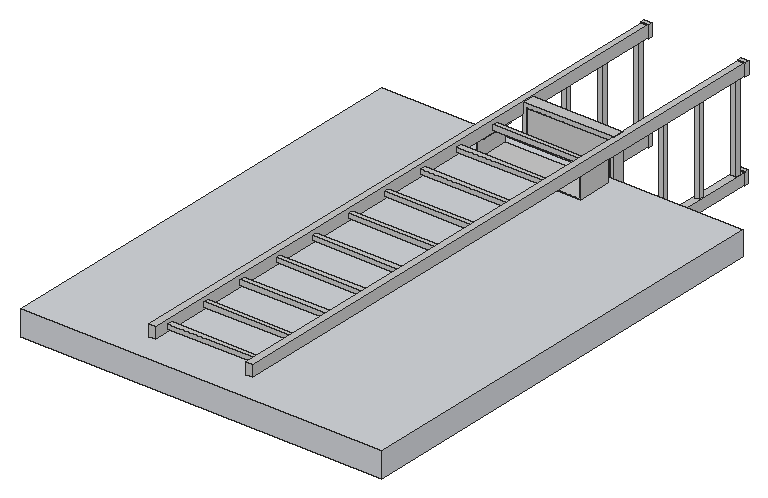
Revit family
Parameters (values of type "24in Width")
  returnsingle [instance] = numrungrecalcd = 1  # no
  returnsiderungcontrol [instance] = if(numrungrecalcd < 2, 2, numrungrecalcd)  # 2
  returnmultiple [instance] = returnsiderungcontrol > 1  # yes
  numrungrecalcd [instance] = if(numrungrecalca > 1' 2", numrungrecalcc + 1, numrungrecalcc)  # 2
  numrungrecalcc [instance] = (FF Roof to Top of Parapet + 0' 5" - 1' 0 5/8" - Ladder Base Offset Return Side) / 1' 0"  # 2
  numrungrecalca [instance] = FF Roof to Top of Parapet + 0' 5" - Ladder Base Offset Return Side - 1' 0 5/8" - ((numrungrecalcc - 1) * 1' 0")  # 1' - 0 3/8"
  numrungcalcd [instance] = if(numrungcalca > 1' 2", numrungcalcc + 1, numrungcalcc)  # 10
  numrungcalcc [instance] = (FF to Top of Parapet + 0' 5" - 1' 0 5/8" - Ladder Base Offset) / 1' 0"  # 9
  numrungcalca [instance] = FF to Top of Parapet + 0' 5" - Ladder Base Offset - 1' 0 5/8" - ((numrungcalcc - 1) * 1' 0")  # 1' - 4 3/8"
  Warranty Duration (Years) = 0
  Unit Width_Outside Frame [instance] = if(1 = 1, Unit Width + (0' 1 3/4" * 2), 0' 0")  # 2' - 3 1/2"
  Unit Width = 2' - 0"
  Unit Height Return Side [instance] = FF Roof to Top of Parapet - Ladder Base Offset Return Side + 0' 5" + 3' 3 1/2"  # 6' - 4 1/2"
  Unit Height [instance] = FF to Top of Parapet + 3' 8 1/2" - Ladder Base Offset  # 13' - 8 1/2"
  URL = "http://www.okeeffes.com/"
  Top Decking to Top Bracket CL [instance] = 0' - 6 5/8"  # constant formula
  Test Data = ""
  Standards Conformance = "OSHA 1910.27"
  Specification = ""
  SpecWizard = ""
  Send Message = ""
  Sales Information = "http://www.okeeffes.com/contact-us.php"
  Revision = "R1_2015-11"
  Projection from Host Return Side [instance] = 0' - 7"
  Projection from Host [instance] = 0' - 7"
  Product Properties = ""
  Product Data = "http://www.arcat.com/arcatcos/cos34/arc34555.html"
  Platform Length [instance] = 0' 1 1/2" + Projection from Host + Parapet Width + Projection from Host Return Side + 0' 1 1/2"  # 2' - 5"
  Platform Finish [instance] = Metal - Aluminum - O'Keeffe's - Standard Mill Treaded
  Parapet Width [instance] = 1' - 0"
  Number of Rungs Return Side [instance] = numrungrecalcd  # 2
  Number of Rungs [instance] = numrungcalcd  # 10
  Model = "Model 503"
  Manufacturer Website = "http://www.okeeffes.com/"
  Manufacturer Phone - Toll Free = "888-653-3333"
  Manufacturer Phone = "415-822-4222"
  Manufacturer Fax = "415-822-5222"
  Manufacturer Address = "100 N. Hill Dr.   Suite 12   Brisbane, CA 94005"
  Manufacturer = "O'Keeffe's, Inc"
  Maintenance Schedule (Months) = 0
  Ladder_Off Floor Mounted [instance] = not(Ladder_Floor Mounted)  # no
  Ladder_Floor Mounted [instance] = yes
  Ladder Base Offset Return Side [instance] = 0' - 4"
  Ladder Base Offset [instance] = if(Ladder_Floor Mounted, 0' 0", 0' 4")  # 0' - 0"
  Keynote = "05515"
  Installation-Fabrication = ""
  Installation Phase = ""
  Include Security Door [instance] = no
  Green Building-LEED = ""
  Frame Finish [instance] = Metal - Aluminum - O'Keeffe's - Standard Mill
  FF to Top of Parapet [instance] = 10' - 0"
  FF to Bottom Rung CL [instance] = FF to Top of Parapet + 0' 5" - ((Number of Rungs - 1) * 1' 0") - 1' 0 5/8"  # 0' - 4 3/8"
  FF to Bottom Bracket CL [instance] = 0' - 11"
  FF Roof to Top of Parapet [instance] = 3' - 0"
  Expected Lifespan (Years) = 0
  Drawn By = "Sumex Design, Inc. / Robert S. Weygant, CSI, CDT, SCIP"
  Description = "O'Keeffe's Model 503 High Parapet Access Ladder - 24in Width as Specified"
  Default Elevation = 0' - 0"
  Copyright = "©Arcat Inc."
  Construction Details = ""
  Capacity = "1500 lbs per Rung"
  Building Codes = ""
  Available Options [instance] = "[Intermediate Brackets][Extended Intermediate Brackets][Fall Arrest System][Safety Post for Roof Hatch]"
  Assembly Code = "B1010700"
Reference planes (in)
  plane 1 "SecDoor": y = 47.5395
  plane 2: z = 0
  plane 3 "Center (Left/Right)": x = 0
  plane 4: x = -12
  plane 5: x = 12
  plane 6 "Ladder CL": z = 7
  plane 7 "FF": y = -46.4605
  plane 8 "Deck Level": y = 73.5395
  plane 9: y = 118.0395
  plane 10: y = -46.4605
  plane 11: y = 65.9145
  plane 12: y = 66.9145
  plane 13: y = -35.4605
  plane 14: y = 114.9145
  plane 15: y = 102.9145
  plane 16: y = 90.9145
  plane 17: z = -19
  plane 18: y = 78.5395
  plane 19: z = -20.5
  plane 20: z = 8.5
  plane 21: y = 75.5395
  plane 22: y = 41.5395
  plane 23: y = 37.5395
  plane 24: y = 65.0395
Forms (in)
  Extrusion 1, solid
    sketch origin (0, 0, 0) x (1, 0, 0) y (0, 1, 0)
      loop
        line (-48, 73.5395) -> (-48, -46.4605) -> (48, -46.4605) -> (48, 73.5395) -> (-48, 73.5395)
    from 0 to -6.5935
  Extrusion 2, solid, material "Metal - Aluminum - O'Keeffe's - Standard Mill" <- "Frame Finish"
    sketch origin (0, 47.5395, 0) x (1, 0, 0) y (0, 0, 1)
      loop
        line (-12, 5.5) -> (-12, 8.5) -> (-13.75, 8.5) -> (-13.75, 5.5) -> (-12, 5.5)
      loop
        line (12, 5.5) -> (13.75, 5.5) -> (13.75, 8.5) -> (12, 8.5) -> (12, 5.5)
    from -70.5 to 94
  Extrusion 3, solid, material "Metal - Aluminum - O'Keeffe's - Standard Mill" <- "Frame Finish"
    sketch origin (0, 66.9145, -2.26987) x (0, 0, -1) y (1, 0, 0)
      loop
        line (-7.76987, -12) -> (-7.76987, -13.75) -> (-2.26987, -13.75) -> (-2.26987, 13.75) -> (-7.76987, 13.75) -> (-7.76987, 12) -> (-7.58237, 12) -> (-7.58237, 13.5625) -> (-2.45737, 13.5625) -> (-2.45737, -13.5625) -> (-7.58237, -13.5625) -> (-7.58237, -12) -> (-7.76987, -12)
    from -4.5 to 4.5
  Extrusion 4, solid, material "Metal - Aluminum - O'Keeffe's - Standard Mill" <- "Frame Finish", visible <- "Ladder_Off Floor Mounted"
    sketch origin (0, -35.4605, 13.06054) x (0, 0, 1) y (1, 0, 0)
      loop
        line (-7.56054, -12) -> (-7.74804, -12) -> (-7.74804, -13.5625) -> (-12.87304, -13.5625) -> (-12.87304, 13.5625) -> (-7.74804, 13.5625) -> (-7.74804, 12) -> (-7.56054, 12) -> (-7.56054, 13.75) -> (-13.06054, 13.75) -> (-13.06054, -13.75) -> (-7.56054, -13.75) -> (-7.56054, -12)
    from -4.5 to 4.5
  Extrusion 5, solid, material "Metal - Aluminum - O'Keeffe's - Standard Mill" <- "Frame Finish"
    sketch origin (-15.17702, -180, 7) x (-1, 0, 0) y (0, -1, 0)
      loop
        line (-2.67702, -298.0395) -> (-1.30202, -298.0395) -> (-1.30202, -297.0395) -> (-3.30202, -297.0395) -> (-3.30202, -298.0395) -> (-2.67702, -298.0395)
      loop
        line (-27.67702, -298.0395) -> (-27.05202, -298.0395) -> (-27.05202, -297.0395) -> (-29.05202, -297.0395) -> (-29.05202, -298.0395) -> (-27.67702, -298.0395)
    from -1.625 to 1.625
  Extrusion 6, solid, material "Metal - Aluminum - O'Keeffe's - Standard Mill" <- "Frame Finish", visible <- "Include Security Door"
    sketch origin (-26.52564, -46.4605, 48) x (1, 0, 0) y (0, 0, 1)
      loop
        line (40.27564, -39.25) -> (12.52564, -39.25) -> (12.52564, -40.25) -> (12.77564, -40.25) -> (12.77564, -48) -> (40.27564, -48) -> (40.27564, -39.25)
    from -4 to -94
  Extrusion 7, solid, material "Metal - Aluminum - O'Keeffe's - Standard Mill" <- "Frame Finish"
    sketch origin (12, 19.13326, 48) x (0, 1, 0) y (0, 0, 1)
      loop
        line (71.15623, -67.625) -> (96.40623, -67.625) -> (96.40623, -41) -> (95.15623, -41) -> (95.15623, -66.375) -> (84.40623, -66.375) -> (84.40623, -41) -> (83.15623, -41) -> (83.15623, -66.375) -> (72.40623, -66.375) -> (72.40623, -41) -> (71.15623, -41) -> (71.15623, -67.625)
    from 0.25 to 1.5
  Extrusion 8, solid, material "Metal - Aluminum - O'Keeffe's - Standard Mill" <- "Frame Finish"
    sketch origin (-12, 19.13326, 48) x (0, 1, 0) y (0, 0, 1)
      loop
        line (71.15623, -67.625) -> (96.40623, -67.625) -> (96.40623, -41) -> (95.15623, -41) -> (95.15623, -66.375) -> (84.40623, -66.375) -> (84.40623, -41) -> (83.15623, -41) -> (83.15623, -66.375) -> (72.40623, -66.375) -> (72.40623, -41) -> (71.15623, -41) -> (71.15623, -67.625)
    from -0.25 to -1.5
  Extrusion 9, solid, material "Metal - Aluminum - O'Keeffe's - Standard Mill" <- "Frame Finish"
    sketch origin (0, 47.5395, 0) x (1, 0, 0) y (0, 0, 1)
      loop
        line (-12, -20.5) -> (-12, -17.5) -> (-13.75, -17.5) -> (-13.75, -20.5) -> (-12, -20.5)
      loop
        line (12, -17.5) -> (12, -20.5) -> (13.75, -20.5) -> (13.75, -17.5) -> (12, -17.5)
    from -70.5 to 6
  Extrusion 10, solid, material "Metal - Aluminum - O'Keeffe's - Standard Mill" <- "Frame Finish"
    sketch origin (-60, 78.5395, 48) x (-1, 0, 0) y (0, 0, 1)
      loop
        line (-48, -39.5) -> (-72, -39.5) -> (-72, -68.5) -> (-48, -68.5) -> (-48, -39.5)
      loop
        line (-49, -67.5) -> (-49, -40.5) -> (-71, -40.5) -> (-71, -67.5) -> (-49, -67.5)
    from 0 to -3
  Extrusion 11, solid, material "Metal - Aluminum - O'Keeffe's - Standard Mill Treaded" <- "Platform Finish"
    sketch origin (-60, 78.5395, 48) x (-1, 0, 0) y (0, 0, 1)
      loop
        line (-49, -67.5) -> (-49, -40.5) -> (-71, -40.5) -> (-71, -67.5) -> (-49, -67.5)
    from -0.25 to -3
  Extrusion 12, solid, material "Metal - Aluminum - O'Keeffe's - Standard Mill" <- "Frame Finish"
    sketch origin (-15.17702, -180, -20.5) x (-1, 0, 0) y (0, -1, 0)
      loop
        line (-3.30202, -297.0395) -> (-3.30202, -298.0395) -> (-1.30202, -298.0395) -> (-1.30202, -297.0395) -> (-3.30202, -297.0395)
      loop
        line (-27.05202, -298.0395) -> (-27.05202, -297.0395) -> (-29.05202, -297.0395) -> (-29.05202, -298.0395) -> (-27.05202, -298.0395)
    from -0.125 to 3.125
  Extrusion 13, solid, material "Metal - Aluminum - O'Keeffe's - Standard Mill" <- "Frame Finish"
    sketch origin (0, 65.0395, -10.41587) x (0, 0, 1) y (1, 0, 0)
      loop
        line (-7.08413, -12) -> (-7.08413, -13.75) -> (-1.58413, -13.75) -> (-1.58413, 13.75) -> (-7.08413, 13.75) -> (-7.08413, 12) -> (-6.89663, 12) -> (-6.89663, 13.5625) -> (-1.77163, 13.5625) -> (-1.77163, -13.5625) -> (-6.89663, -13.5625) -> (-6.89663, -12) -> (-7.08413, -12)
    from -4.5 to 4.5
Cuts and joins
  joined: Extrusion 2, Extrusion 5, Extrusion 7, Extrusion 8, Extrusion 9, Extrusion 12
Lines and regions (in)
  model lines, style "GenericModelHiddenLines", visible <- "Include Security Door"
    curve 1: line (13.75, 47.5395, 8.75) -> (-14, 2.5395, 8.75)
    curve 2: line (-14, 2.5395, 8.75) -> (13.75, -42.4605, 8.75)
Dimensions and locks (in)
  "Projection from Host": plane 6 "Ladder CL" to level
  equal spacing: plane 4, plane 3 "Center (Left/Right)", plane 5
  "Unit Width": plane 4 to plane 5
  "FF to Top of Parapet": plane 7 "FF" to plane 8 "Deck Level"
  "Unit Height": plane 9 to plane 10
  "Ladder Base Offset": plane 10 to plane 7 "FF"
  equal spacing: group 1, group 2, group 3, group 4, group 5, group 6, group 7, group 8, group 9, group 10
  equal spacing: group 10, group 9, group 8, group 7, group 6, group 5, group 4, group 3, group 2, group 1  (x2)
  locked: nested 1 to nested 2 at 12
  "Top Decking to Top Bracket CL": plane 12 to plane 8 "Deck Level"
  "FF to Bottom Bracket CL": plane 10 to plane 13
  plane 4 to Extrusion 3 sketch curve to Extrusion 3 sketch curve = 0' - 1 9/16" locked, 0' - 0 3/16" locked
  Extrusion 3 sketch curve to Extrusion 3 sketch curve to plane 5 = 0' - 0 3/16" locked, 0' - 1 9/16" locked
  plane 4 to Extrusion 4 sketch curve to Extrusion 4 sketch curve = 0' - 1 9/16" locked, 0' - 0 3/16" locked
  Extrusion 4 sketch curve to Extrusion 4 sketch curve to plane 5 = 0' - 0 3/16" locked, 0' - 1 9/16" locked
  Extrusion 5 sketch curve to plane 4 to Extrusion 5 sketch curve = 0' - 1 7/8" locked, 0' - 0 1/8" locked
  Extrusion 5 sketch curve to plane 5 to Extrusion 5 sketch curve = 0' - 0 1/8" locked, 0' - 1 7/8" locked
  locked: plane 7 "FF" to plane 1 "SecDoor" at 94
  locked: plane 4 to Extrusion 6 sketch curve at 2
  locked: Extrusion 6 sketch curve to plane 6 "Ladder CL" at 1.75
  locked: Extrusion 6 sketch curve to plane 6 "Ladder CL" at 0.75
  locked: plane 4 to Extrusion 6 sketch curve at 1.75
  locked: Extrusion 6 sketch curve to plane 5 at 1.75
  locked: plane 4 to Extrusion 2 sketch curve at 1.75
  locked: Extrusion 2 sketch curve to plane 5 at 1.75
  Extrusion 7 sketch curve to plane 16 to Extrusion 7 sketch curve = 0' - 0 5/8" locked, 0' - 0 5/8" locked
  Extrusion 7 sketch curve to plane 15 to Extrusion 7 sketch curve = 0' - 0 5/8" locked, 0' - 0 5/8" locked
  Extrusion 7 sketch curve to plane 14 to Extrusion 7 sketch curve = 0' - 0 5/8" locked, 0' - 0 5/8" locked
  locked: Extrusion 7 sketch curve to plane 17 at 0.625
  Extrusion 8 sketch curve to plane 16 to Extrusion 8 sketch curve = 0' - 0 5/8" locked, 0' - 0 5/8" locked
  Extrusion 8 sketch curve to plane 15 to Extrusion 8 sketch curve = 0' - 0 5/8" locked, 0' - 0 5/8" locked
  Extrusion 8 sketch curve to plane 14 to Extrusion 8 sketch curve = 0' - 0 5/8" locked, 0' - 0 5/8" locked
  locked: plane 17 to Extrusion 8 sketch curve at 0.625
  locked: plane 18 to plane 8 "Deck Level" at 5
  locked: plane 18 to plane 11 at 12.625
  locked: plane 20 to plane 6 "Ladder CL" at 1.5
  "Platform Length": plane 20 to plane 19
  locked: Extrusion 9 sketch curve to plane 19 at 3  (x2)
  locked: Extrusion 9 sketch curve to plane 5 at 1.75
  locked: plane 4 to Extrusion 9 sketch curve at 1.75
  locked: plane 21 to plane 18 at 3
  locked: plane 14 to plane 9 at 3.125
  locked: plane 15 to plane 14 at 12
  locked: plane 16 to plane 15 at 12
  locked: plane 17 to plane 19 at 1.5
  locked: plane 20 to Extrusion 10 sketch curve at 1
  locked: Extrusion 10 sketch curve to plane 4 at 1
  locked: plane 5 to Extrusion 10 sketch curve at 1
  locked: Extrusion 10 sketch curve to plane 19 at 1
  locked: plane 20 to Extrusion 11 sketch curve at 1
  locked: Extrusion 11 sketch curve to plane 19 at 1
  locked: Extrusion 11 sketch curve to plane 4 at 1
  locked: plane 5 to Extrusion 11 sketch curve at 1
  Extrusion 12 sketch curve to plane 5 to Extrusion 12 sketch curve = 0' - 0 1/8" locked, 0' - 1 7/8" locked
  Extrusion 12 sketch curve to plane 4 to Extrusion 12 sketch curve = 0' - 1 7/8" locked, 0' - 0 1/8" locked
  locked: plane 9 to Extrusion 12 sketch curve at 1  (x2)
  group 11 to group 12 = 0' - 0"  (x2)
  group 12 to group 11 = 1' - 0"
  locked: nested 12 to nested 11 at 12
  "Ladder Base Offset Return Side": plane 23 to plane 22
  "FF Roof to Top of Parapet": plane 23 to plane 8 "Deck Level"
  "Parapet Width": plane 2 to Extrusion 13 sketch curve
  locked: Extrusion 13 sketch curve to Extrusion 13 sketch curve at 0.1875  (x3)
  locked: Extrusion 13 sketch curve to plane 19 at 3  (x2)
  plane 4 to Extrusion 13 sketch curve to Extrusion 13 sketch curve = 0' - 1 9/16" locked, 0' - 0 3/16" locked
  Extrusion 13 sketch curve to Extrusion 13 sketch curve to plane 5 = 0' - 0 3/16" locked, 0' - 1 9/16" locked
  locked: plane 24 to plane 8 "Deck Level" at 8.5
  aligned and locked: plane 2 to Extrusion 1
  aligned and locked: level to Extrusion 1
  aligned and locked: Extrusion 2 to plane 10
  aligned and locked: plane 9 to Extrusion 2
  aligned and locked: plane 6 "Ladder CL" to nested 1
  aligned and locked: plane 3 "Center (Left/Right)" to nested 1
  aligned and locked: nested 1 to plane 11
  aligned and locked: Extrusion 3 sketch curve to plane 5
  aligned and locked: Extrusion 3 sketch curve to plane 4
  aligned and locked: Extrusion 4 sketch curve to plane 4
  aligned and locked: Extrusion 4 sketch curve to plane 5
  aligned and locked: Extrusion 6 to plane 1 "SecDoor"
  aligned and locked: plane 6 "Ladder CL" to Extrusion 7 sketch curve  (x3)
  aligned and locked: Extrusion 8 sketch curve to plane 6 "Ladder CL"  (x3)
  aligned and locked: Extrusion 9 sketch curve to plane 4
  aligned and locked: plane 5 to Extrusion 9 sketch curve
  aligned and locked: Extrusion 9 to plane 9
  aligned and locked: Extrusion 10 sketch curve to plane 5
  aligned and locked: Extrusion 10 sketch curve to plane 4
  aligned and locked: plane 19 to Extrusion 10 sketch curve
  aligned and locked: plane 20 to Extrusion 10 sketch curve
  aligned and locked: plane 21 to Extrusion 10
  aligned and locked: plane 9 to Extrusion 12 sketch curve  (x2)
  aligned and locked: plane 6 "Ladder CL" to nested 2
  aligned and locked: nested 11 to plane 11
  aligned and locked: plane 17 to nested 11
  aligned and locked: plane 17 to nested 12
  aligned and locked: plane 22 to Extrusion 9
  aligned and locked: nested 13 to plane 11
  aligned and locked: plane 17 to nested 13
  aligned and locked: Extrusion 13 sketch curve to plane 5
  aligned and locked: Extrusion 13 sketch curve to plane 4
Automatic sketch dimensions
  Extrusion 1 sketch curve to Extrusion 1 sketch curve = 8' - 0"
  Extrusion 1 sketch curve to Extrusion 1 sketch curve = 10' - 0"
  Extrusion 2 sketch curve to plane 4 = 0' - 0"
  Extrusion 2 sketch curve to plane 5 = 0' - 0"
  Extrusion 2 sketch curve to plane 20 = 0' - 0"  (x2)
  Extrusion 2 sketch curve to plane 6 "Ladder CL" = 0' - 1 1/2"  (x2)
  Extrusion 3 sketch curve to level = 0' - 0"
  level to Extrusion 3 sketch curve = 0' - 0 3/16"
  Extrusion 3 sketch curve to plane 6 "Ladder CL" = 0' - 1 11/16"  (x2)
  Extrusion 3 sketch curve to Extrusion 3 sketch curve = 0' - 0 3/16"  (x2)
  Extrusion 4 sketch curve to level = 0' - 0"
  level to Extrusion 4 sketch curve = 0' - 0 3/16"
  Extrusion 4 sketch curve to plane 6 "Ladder CL" = 0' - 1 11/16"  (x2)
  Extrusion 4 sketch curve to Extrusion 4 sketch curve = 0' - 0 3/16"  (x2)
  Extrusion 6 sketch curve to level = 0' - 0"
  Extrusion 7 sketch curve to plane 17 = 0' - 0 5/8"  (x2)
  Extrusion 8 sketch curve to plane 17 = 0' - 0 5/8"  (x2)
  Extrusion 9 sketch curve to plane 19 = 0' - 0"  (x2)
  Extrusion 5 sketch curve to plane 9 = 0' - 0"  (x2)
  plane 5 to Extrusion 5 sketch curve = 0' - 0 1/2"
  Extrusion 5 sketch curve to plane 4 = 0' - 0 1/2"
  Extrusion 5 sketch curve to Extrusion 5 sketch curve = 0' - 1"
  Extrusion 5 sketch curve to plane 9 = 0' - 1"
  curve 2 to Extrusion 6 = 0' - 0"  (x3)
  curve 1 to Extrusion 6 = 0' - 0"
  Extrusion 6 to curve 1 = 0' - 0"
  Extrusion 6 to curve 2 = 3' - 9"
Nested families (in)
  nested 1: "Square Rung" at (0, 65.9145, 7) x (0, 1, 0) z (0, 0, 1), rung width <- "Unit Width", finish <- "Frame Finish", type "Square Rung"
    with rung width 2' - 0", finish Metal - Aluminum - O'Keeffe's - Standard Mill
  nested 2: "Square Rung" at (0, 53.9145, 7) x (0, 1, 0) z (0, 0, 1), rung width <- "Unit Width", finish <- "Frame Finish", type "Square Rung"
    with rung width 2' - 0", finish Metal - Aluminum - O'Keeffe's - Standard Mill
  nested 3: "Square Rung" at (0, 41.9145, 7) x (0, 1, 0) z (0, 0, 1), rung width <- "Unit Width", finish <- "Frame Finish", type "Square Rung"
    with rung width 2' - 0", finish Metal - Aluminum - O'Keeffe's - Standard Mill
  nested 4: "Square Rung" at (0, 29.9145, 7) x (0, 1, 0) z (0, 0, 1), rung width <- "Unit Width", finish <- "Frame Finish", type "Square Rung"
    with rung width 2' - 0", finish Metal - Aluminum - O'Keeffe's - Standard Mill
  nested 5: "Square Rung" at (0, 17.9145, 7) x (0, 1, 0) z (0, 0, 1), rung width <- "Unit Width", finish <- "Frame Finish", type "Square Rung"
    with rung width 2' - 0", finish Metal - Aluminum - O'Keeffe's - Standard Mill
  nested 6: "Square Rung" at (0, 5.9145, 7) x (0, 1, 0) z (0, 0, 1), rung width <- "Unit Width", finish <- "Frame Finish", type "Square Rung"
    with rung width 2' - 0", finish Metal - Aluminum - O'Keeffe's - Standard Mill
  nested 7: "Square Rung" at (0, -6.0855, 7) x (0, 1, 0) z (0, 0, 1), rung width <- "Unit Width", finish <- "Frame Finish", type "Square Rung"
    with rung width 2' - 0", finish Metal - Aluminum - O'Keeffe's - Standard Mill
  nested 8: "Square Rung" at (0, -18.0855, 7) x (0, 1, 0) z (0, 0, 1), rung width <- "Unit Width", finish <- "Frame Finish", type "Square Rung"
    with rung width 2' - 0", finish Metal - Aluminum - O'Keeffe's - Standard Mill
  nested 9: "Square Rung" at (0, -30.0855, 7) x (0, 1, 0) z (0, 0, 1), rung width <- "Unit Width", finish <- "Frame Finish", type "Square Rung"
    with rung width 2' - 0", finish Metal - Aluminum - O'Keeffe's - Standard Mill
  nested 10: "Square Rung" at (0, -42.0855, 7) x (0, 1, 0) z (0, 0, 1), rung width <- "Unit Width", finish <- "Frame Finish", type "Square Rung"
    with rung width 2' - 0", finish Metal - Aluminum - O'Keeffe's - Standard Mill
  nested 11: "Square Rung" at (0, 65.9145, -19) x (0, 1, 0) z (0, 0, 1), rung width <- "Unit Width", finish <- "Frame Finish", visible <- "returnmultiple", type "Square Rung"
    with rung width 2' - 0", finish Metal - Aluminum - O'Keeffe's - Standard Mill
  nested 12: "Square Rung" at (0, 53.9145, -19) x (0, 1, 0) z (0, 0, 1), rung width <- "Unit Width", finish <- "Frame Finish", visible <- "returnmultiple", type "Square Rung"
    with rung width 2' - 0", finish Metal - Aluminum - O'Keeffe's - Standard Mill
  nested 13: "Square Rung" at (0, 65.9145, -19) x (0, 1, 0) z (0, 0, 1), rung width <- "Unit Width", finish <- "Frame Finish", visible <- "returnsingle", type "Square Rung"
    with rung width 2' - 0", finish Metal - Aluminum - O'Keeffe's - Standard Mill
Definition of nested family "Square Rung"
  Parameters (values of type "Square Rung")
    rung width [instance] = 2' - 4"
    finish [instance] = none
    Assembly Code = ""
  Reference planes (in)
    plane 1 "Center (Front/Back)": y = 0
    plane 2: z = 0
    plane 3 "Center (Left/Right)": x = 0
    plane 4: y = 14
    plane 5: y = -14
  Forms (in)
    Extrusion 1, solid, material <- "finish"
      sketch origin (0, 0, 0) x (0, -1, 0) y (1, 0, 0)
        loop
          line (-14, 0.625) -> (-14, -0.625) -> (14, -0.625) -> (14, 0.625) -> (-14, 0.625)
      from 0.625 to -0.625
  Dimensions and locks (in)
    equal spacing: plane 5, plane 1 "Center (Front/Back)", plane 4
    "rung width": plane 5 to plane 4
    aligned and locked: plane 2 to level
  Automatic sketch dimensions
    plane 4 to Extrusion 1 sketch curve = 0' - 0"
    plane 5 to Extrusion 1 sketch curve = 0' - 0"
    Extrusion 1 sketch curve to plane 3 "Center (Left/Right)" = 0' - 0 5/8"
    plane 3 "Center (Left/Right)" to Extrusion 1 sketch curve = 0' - 0 5/8"
